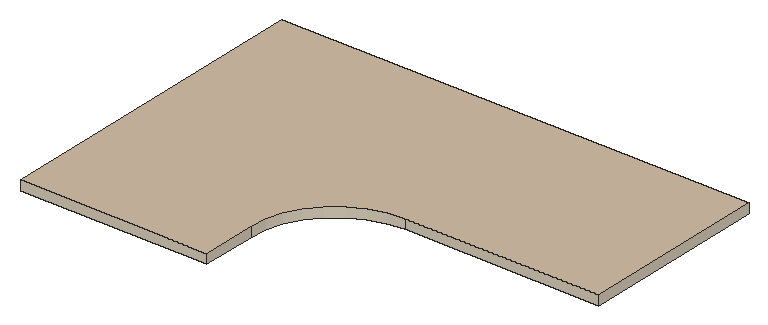
Revit family "78e510c7087d40ce9b18b8cd55200834", category Furniture Systems, Revit 2021
Family settings
  Round Connector Dimension = Use Diameter
  Part Type = Normal
  OmniClass Number = 23.40.70.14.64.21
  OmniClass Title = Systems Furniture
  Work Plane-Based = No
  Always vertical = Yes
  Cut with Voids When Loaded = No
  Shared = No
  Room Calculation Point = No
Parameters (values of type "60" x 42" x 24"")
  Work Surface Material [instance] = Plastic Laminate - White Oak
  Type Comments = "60\" x 42\" x 24\" L with Square End Work Surface"
  Thickness = 1 1/4"
  Width = 42"
  Model = ""
  Manufacturer = ""
  Length = 60"
  Height = 30"
  Edge Material [instance] = Plastic Laminate - Beige - Light - Smooth
  Description = ""
  Depth = 24"
  Default Elevation = 0"
Reference planes (in)
  plane 1 "Center F/B": y = 0
  plane 2: z = 0
  plane 3 "Center L/R": x = 0
  plane 4: y = -24
  plane 5 "Right": x = 60
  plane 6 "Top": z = 30
  plane 7 "Bottom": z = 28.75
  plane 8: x = 24
  plane 9 "Front": y = -42
  plane 10: y = -35
  plane 11: x = 35
Forms (in)
  Extrusion 1, solid, material "Plastic Laminate - White Oak" <- "Work Surface Material"
    sketch origin (0, 0, 0) x (1, 0, 0) y (0, 1, 0)
      loop
        line (0, 0) -> (0, -42) -> (24, -42) -> (24, -35)
        arc (24, -35) -> (27.22183, -27.22183) -> (35, -24) r 11
        line (35, -24) -> (60, -24) -> (60, 0) -> (0, 0)
    from 28.75 to 30
Lines and regions (in)
  Masking region 1
    outline origin (0, 0, 0) x (1, 0, 0) y (0, 1, 0)
      loop
        line (0, 0) -> (0, -42) -> (24, -42) -> (24, -35)
        arc (24, -35) -> (27.22183, -27.22183) -> (35, -24) r 11
        line (35, -24) -> (60, -24) -> (60, 0) -> (0, 0)
Dimensions and locks (in)
  "Length": plane 3 "Center L/R" to plane 5 "Right"
  "Depth": plane 4 to plane 1 "Center F/B"
  "Thickness": plane 6 "Top" to plane 7 "Bottom"
  "Width": plane 9 "Front" to plane 1 "Center F/B"
  "Depth": plane 3 "Center L/R" to plane 8
  locked: plane 8 to plane 11 at 11
  locked: plane 4 to plane 10 at 11
  "Height": plane 6 "Top" to plane 2
  radius of Extrusion 1 sketch curve = 11"
  aligned and locked: plane 1 "Center F/B" to Extrusion 1 sketch curve
  aligned and locked: plane 4 to Extrusion 1 sketch curve
  aligned and locked: plane 3 "Center L/R" to Extrusion 1 sketch curve
  aligned and locked: level to plane 2
  aligned and locked: plane 6 "Top" to Extrusion 1
  aligned and locked: plane 7 "Bottom" to Extrusion 1
  aligned and locked: plane 3 "Center L/R" to Masking region 1 sketch curve
  aligned and locked: plane 4 to Masking region 1 sketch curve
  aligned and locked: plane 1 "Center F/B" to Masking region 1 sketch curve
  aligned and locked: plane 8 to Extrusion 1 sketch curve
  aligned and locked: Extrusion 1 sketch curve to plane 9 "Front"
  aligned and locked: Extrusion 1 sketch curve to plane 11
  aligned and locked: plane 10 to Extrusion 1 sketch curve  (x2)
  aligned and locked: plane 11 to Extrusion 1 sketch curve
  aligned and locked: Masking region 1 sketch curve to plane 9 "Front"
  aligned and locked: plane 8 to Masking region 1 sketch curve
  aligned and locked: plane 10 to Masking region 1 sketch curve
  aligned and locked: Masking region 1 sketch curve to plane 11
  aligned and locked: Masking region 1 sketch curve to Extrusion 1
  aligned and locked: plane 5 "Right" to Masking region 1 sketch curve
  aligned and locked: Extrusion 1 sketch curve to plane 5 "Right"
